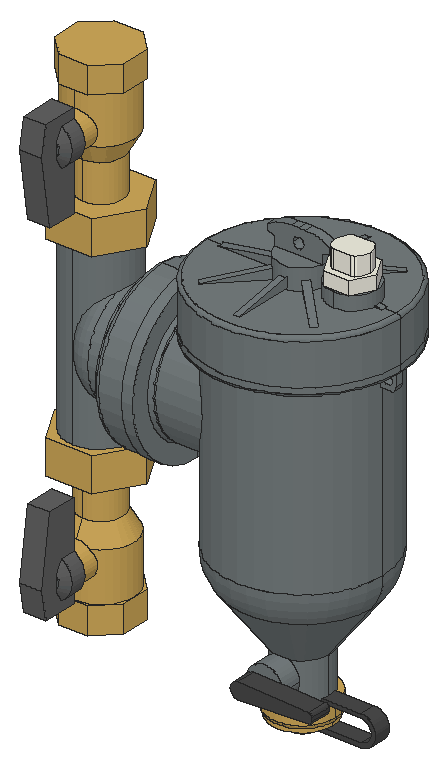
Revit family "VT.382.B.06", category Оборудование, Revit 2019
Family settings
  Размер круглого соединителя = Использовать диаметр
  Тип детали = Нормальный
  Номер OmniClass = 23.75.00.00
  Заголовок OmniClass = Climate Control (HVAC)
  На основе рабочей плоскости = Нет
  Всегда вертикально = Да
  При загрузке вырезать с полостями = Нет
  Общий = Нет
  Точка расчета площади = Нет
Parameters
  Техническое описание = "https://valtec.ru/catalog/filtry/deshlamatory/filtr_deshlamator_s_plastikovym_korpusom_xl.html"
  Страна производитель = "Italy"
  Размер соединения = "ø22, 3/4F (DN20), 1F (DN25), 1 1/4F (DN32)"  # constant formula
  Произведено в = "Сделано в Италии"  # constant formula
  Продукт url = "https://valtec.ru/catalog/filtry/deshlamatory/filtr_deshlamator_s_plastikovym_korpusom_xl.html"
  Практическое руководство по использованию семьи = "- Вы должны выбрать диаметр соединения. Доступные соединения: ø22F, ¾ ”F (DN20), 1” F (DN25), 1 ”1 / 4F (DN32). Смотрите эту опцию в параметре «Размеры - DN».\r\n- Вы должны выбрать угол соединения части. Отметьте эту опцию в параметрах «Свойства модели - вертикальное соединение» или «Свойства модели - горизонтальное соединение» или «Свойства модели - соединение 45 °» или «Свойства модели - соединение 135 °». Внимание! Выберите один и только один угол подключения."
  Описание статьи = Описание  # "Высокопроизводительный магнитный сепаратор грязи с тройным фильтрующим действием с магнитом, сетчатым фильтром и циклоническим движением воды"
  Описание Конфигурации = "Высокопроизводительный магнитный сепаратор грязи с тройным фильтрующим действием с магнитом, сетчатым фильтром и циклоническим движением воды."
  Описание OmniClass = "Жидкие фильтр"
  Описание NBS = "Фильтры для воды и фильтр"
  Номинальная ширина = 0 mm
  Номинальная высота = 0 mm
  Название производителя = "IVAR"
  Материал основной = "Полиамид"
  Материал вторичный = "Латунь"
  Материал = "PA66 + GF 30%"  # constant formula
  Мастерформат 2014 Описание = "Отопление, вентиляция и кондиционирование воздуха (HVAC)"
  Марка url = "https://valtec.ru/catalog/filtry/deshlamatory/filtr_deshlamator_s_plastikovym_korpusom_xl.html"
  Максимальный расход (m3/h) = 2.13 m³/h
  Инструкции по установке = "https://valtec.ru/catalog/filtry/deshlamatory/filtr_deshlamator_s_plastikovym_korpusom_xl.html"
  Данные продукта url = "https://bimobject.com/ivar/product/Dirtstop_XL"
  Вес нетто (Kg) = "0"
  angle [instance] = if(and(вертикальное соединение, not(горизонтальное соединение), not([45° соединение]), not([135° соединение])), 90.00°, if(and(not(вертикальное соединение), горизонтальное соединение, not([45° соединение]), not([135° соединение])), 0.00°, if(and(not(вертикальное соединение), not(горизонтальное соединение), [45° соединение], not([135° соединение])), 45.00°, if(and(not(вертикальное соединение), not(горизонтальное соединение), not([45° соединение]), ([135° соединение])), 135.00°, 5.00°))))  # 90.00°
  вертикальное соединение [instance] = yes
  Uniformat II Описание = "HVAC"
  Uniclass 2015 Имя = "Фильтры для воды"
  Uniclass 2.0 Описани = "Фильтры для воды и фильтр"
  Uniclass 1.4 Описани = "Водопроводные системы"
  URL = "https://valtec.ru/catalog/filtry/deshlamatory/filtr_deshlamator_s_plastikovym_korpusom_xl.html"
  Revit Version = "2018"  # constant formula
  R3 [instance] = if(DN = 20 mm, 15 mm, if(DN = 22 mm, 15 mm, if(DN = 25 mm, 18 mm, if(DN = 32 mm, 18 mm, 18 mm))))  # 15 mm
  R1 [instance] = if(DN = 20 mm, 10 mm, if(DN = 22 mm, 10 mm, if(DN = 25 mm, 12 mm, if(DN = 32 mm, 12 mm, 12 mm))))  # 10 mm
  Рейтинг разделения частиц = "500 µm (first cleaning), 800 µm (standard operation)"  # constant formula
  Группа модели = "DIRTSTOP® XL"  # constant formula
  Минимальная рабочая температура = "0 °C"  # constant formula
  Макс рабочая температура = "90 °C"  # constant formula
  Макс рабочее давление = "3 bar"  # constant formula
  Максимальный процент гликоля (%) = 50
  Изготовитель = "IVAR"  # constant formula
  Item code_IVAR [instance] = if(and(DN = 20 mm, вертикальное соединение, not(горизонтальное соединение), not([45° соединение]), not([135° соединение])), "520135", if(and(DN = 20 mm, not(вертикальное соединение), горизонтальное соединение, not([45° соединение]), not([135° соединение])), "520135", if(and(DN = 20 mm, not(вертикальное соединение), not(горизонтальное соединение), [45° соединение], not([135° соединение])), "520135", if(and(DN = 20 mm, not(вертикальное соединение), not(горизонтальное соединение), not([45° соединение]), [135° соединение]), "520135", if(and(DN = 22 mm, вертикальное соединение, not(горизонтальное соединение), not([45° соединение]), not([135° соединение])), "520124", if(and(DN = 22 mm, not(вертикальное соединение), горизонтальное соединение, not([45° соединение]), not([135° соединение])), "520124", if(and(DN = 22 mm, not(вертикальное соединение), not(горизонтальное соединение), [45° соединение], not([135° соединение])), "520124", if(and(DN = 22 mm, not(вертикальное соединение), not(горизонтальное соединение), not([45° соединение]), [135° соединение]), "520124", if(and(DN = 25 mm, вертикальное соединение, not(горизонтальное соединение), not([45° соединение]), not([135° соединение])), "520136", if(and(DN = 25 mm, not(вертикальное соединение), горизонтальное соединение, not([45° соединение]), not([135° соединение])), "520136", if(and(DN = 25 mm, not(вертикальное соединение), not(горизонтальное соединение), [45° соединение], not([135° соединение])), "520136", if(and(DN = 25 mm, not(вертикальное соединение), not(горизонтальное соединение), not([45° соединение]), [135° соединение]), "520136", if(and(DN = 32 mm, вертикальное соединение, not(горизонтальное соединение), not([45° соединение]), not([135° соединение])), "520139", if(and(DN = 32 mm, not(вертикальное соединение), горизонтальное соединение, not([45° соединение]), not([135° соединение])), "520139", if(and(DN = 32 mm, not(вертикальное соединение), not(горизонтальное соединение), [45° соединение], not([135° соединение])), "520139", if(and(DN = 32 mm, not(вертикальное соединение), not(горизонтальное соединение), not([45° соединение]), [135° соединение]), "520139", "Connection NOT available. DN available: 20, 22, 25, 32. Choose one and only one connection angle in Model Properties."))))))))))))))))  # "520135"
  горизонтальное соединение [instance] = no
  IFC классификация = "Клапан"
  H4 [instance] = if(DN = 20 mm, 12 mm, if(DN = 22 mm, 14 mm, if(DN = 25 mm, 14 mm, if(DN = 32 mm, 19 mm, 19 mm))))  # 12 mm
  H3 [instance] = if(DN = 20 mm, 22 mm, if(DN = 22 mm, 32 mm, if(DN = 25 mm, 29 mm, if(DN = 32 mm, 27 mm, 27 mm))))  # 22 mm
  H2 [instance] = if(DN = 20 mm, 9 mm, if(DN = 22 mm, 9 mm, if(DN = 25 mm, 7 mm, if(DN = 32 mm, 7 mm, 7 mm))))  # 9 mm
  H1 [instance] = if(and(DN = 20 mm, вертикальное соединение, not(горизонтальное соединение), not([45° соединение]), not([135° соединение])), 17 mm, if(and(DN = 20 mm, not(вертикальное соединение), горизонтальное соединение, not([45° соединение]), not([135° соединение])), 17 mm, if(and(DN = 20 mm, not(вертикальное соединение), not(горизонтальное соединение), [45° соединение], not([135° соединение])), 17 mm, if(and(DN = 20 mm, not(вертикальное соединение), not(горизонтальное соединение), not([45° соединение]), [135° соединение]), 17 mm, if(and(DN = 22 mm, вертикальное соединение, not(горизонтальное соединение), not([45° соединение]), not([135° соединение])), 17 mm, if(and(DN = 22 mm, not(вертикальное соединение), горизонтальное соединение, not([45° соединение]), not([135° соединение])), 17 mm, if(and(DN = 22 mm, not(вертикальное соединение), not(горизонтальное соединение), [45° соединение], not([135° соединение])), 17 mm, if(and(DN = 22 mm, not(вертикальное соединение), not(горизонтальное соединение), not([45° соединение]), [135° соединение]), 17 mm, if(and(DN = 25 mm, вертикальное соединение, not(горизонтальное соединение), not([45° соединение]), not([135° соединение])), 13 mm, if(and(DN = 25 mm, not(вертикальное соединение), горизонтальное соединение, not([45° соединение]), not([135° соединение])), 13 mm, if(and(DN = 25 mm, not(вертикальное соединение), not(горизонтальное соединение), [45° соединение], not([135° соединение])), 13 mm, if(and(DN = 25 mm, not(вертикальное соединение), not(горизонтальное соединение), not([45° соединение]), [135° соединение]), 13 mm, if(and(DN = 32 mm, вертикальное соединение, not(горизонтальное соединение), not([45° соединение]), not([135° соединение])), 13 mm, if(and(DN = 32 mm, not(вертикальное соединение), горизонтальное соединение, not([45° соединение]), not([135° соединение])), 13 mm, if(and(DN = 32 mm, not(вертикальное соединение), not(горизонтальное соединение), [45° соединение], not([135° соединение])), 13 mm, if(and(DN = 32 mm, not(вертикальное соединение), not(горизонтальное соединение), not([45° соединение]), [135° соединение]), 13 mm, 500 mm))))))))))))))))  # 17 mm
  EMCS Version = "3.0"  # constant formula
  Описание = "Высокопроизводительный магнитный сепаратор грязи с тройным фильтрующим действием с магнитом, сетчатым фильтром и циклоническим движением воды"  # constant formula
  DN [instance] = 20 mm
  BIMobject основная категория = "HVAC"
  BIMobject код основной категории = "ОВК"
  BIMobject код категории = "ОВК-другой"
  BIMobject категория = "Другой"
  B [instance] = A * sqrt(2)  # 9.192 mm
  Жидкость для нанесения = "Вода и гликолевые растворы"  # constant formula
  A [instance] = if(DN = 20 mm, 6.5 mm, if(DN = 22 mm, 6.5 mm, if(DN = 25 mm, 7.8 mm, if(DN = 32 mm, 9.6 mm, 9.6 mm))))  # 6.5 mm
  45° соединение [instance] = no
  135° соединение [instance] = no
Reference planes
  plane 1 "Centro (Fronte/Retro)": y = 0
  plane 2: z = 48.961
  plane 3 "Centro (Sinistra/Destra)": x = 0
  plane 4: x = 36.7
  plane 5: z = -47.536
  plane 6: z = 102.308
  plane 7: z = 108.399
  plane 8: x = 12.088
  plane 9: z = -6.793
  plane 10: z = -21.859
  plane 11: z = -80.457
  plane 12: z = 122.68
  plane 13 "connessione": x = -91.581
  plane 14: z = 77.961
  plane 15: z = 81.78
  plane 16: z = -65.538
  plane 17: z = -63.748
  plane 18 "left": x = -44.502
  plane 19 "right": x = 44.502
  plane 20 "front": y = -44.5
  plane 21 "back": y = 44.5
  plane 22: z = 111.643
  plane 23: y = -23
Forms (mm)
  Extrusion 1, solid, material "EPDM - Black", detail levels fine
    sketch origin (8.111, 0, 38.302) x (-1, 0, 0) y (0, 0, -1)
      loop
        line (23, 103.841) -> (-21.211, 103.841)
        arc (-21.211, 103.841) -> (-26.234, 108.864) -> (-21.211, 113.887) r 5.023
        line (-21.211, 113.887) -> (14.861, 113.887) -> (14.861, 115.869) -> (-21.259, 115.869)
        arc (-21.259, 115.869) -> (-28.169, 108.96) -> (-21.259, 102.05) r 6.909
        line (-21.259, 102.05) -> (23, 102.05) -> (23, 103.841)
    from -3.748 to 3.7
  Revolve 2, solid, material "BRASS - CW617N", detail levels medium+fine
    sketch origin (10.014, 0, 38.459) x (-1, 0, 0) y (0, 0, -1)
      loop
        line (10, 118.915) -> (4.001, 118.915) -> (4.001, 117.4) -> (5.484, 117.4) -> (5.484, 114.106) -> (-4, 114.106) -> (-4, 112.339)
        arc (-4, 112.339) -> (-4.729, 111.706) -> (-5, 110.78) r 1.716
        line (-5, 110.78) -> (-5, 103.997) -> (10, 103.997) -> (10, 118.915)
      axis (10, 103.997) -> (10, 118.915)
    angle from 0 to 360
  Extrusion 3, solid, material "EPDM - Black", detail levels fine
    sketch origin (96.75, 4.957, 50.244) x (-1, 0, 0) y (0, 0, -1)
      loop
        arc (101.177, 101.229) -> (104.8, 104.728) -> (101.177, 108.228) r 3.502
        line (101.177, 108.228) -> (69.177, 107.11)
        arc (69.177, 107.11) -> (68.165, 106.66) -> (67.75, 105.632) r 1.479
        line (67.75, 105.632) -> (67.75, 103.87)
        arc (67.75, 103.87) -> (68.179, 102.809) -> (69.223, 102.344) r 1.526
        line (69.223, 102.344) -> (101.177, 101.229)
    from 26.5 to 35.891
  Extrusion 4, solid, material "Techno-Polymer RAL7016", detail levels fine
    sketch origin (94.549, -1.294, 53.155) x (-1, 0, 0) y (0, 0, -1)
      loop
        circle (94.549, 107.954) r 8.278
    from 10.957 to 20.249
  Revolve 5, solid, material "Techno-Polymer RAL7016", detail levels medium+fine
    sketch origin (-12.893, 0, -873.496) x (1, 0, 0) y (0, 0, 1)
      loop
        line (-31.728, 894.519) -> (6.65, 894.519) -> (6.65, 922.457) -> (-78.688, 922.457) -> (-78.688, 911.744)
        arc (-78.688, 911.744) -> (-74.65, 901.995) -> (-64.901, 897.957) r 13.788
        line (-64.901, 897.957) -> (-55.607, 897.957) -> (-55.607, 891.077)
        arc (-55.607, 891.077) -> (-55.345, 890.489) -> (-54.731, 890.29) r 0.792
        arc (-54.731, 890.29) -> (-53.873, 890.112) -> (-53.278, 889.469) r 1.436
        line (-53.278, 889.469) -> (-52.223, 887.207)
        arc (-52.223, 887.207) -> (-51.519, 886.404) -> (-50.494, 886.105) r 1.908
        line (-50.494, 886.105) -> (-39.624, 886.105) -> (-39.624, 885.314) -> (-34.624, 885.314) -> (-34.624, 893.676) -> (-32.508, 894.519) -> (-31.728, 894.519)
      axis (-78.688, 922.457) -> (6.65, 922.457)
    angle from 0 to 360
  Revolve 6, solid, material "Techno-Polymer RAL7016", detail levels medium+fine
    sketch origin (-1799.403, 0, 4559.656) x (1, 0, 0) y (0, 0, 1)
      loop
        line (1799.403, -4477.876) -> (1799.403, -4448.013) -> (1788.42, -4448.013) -> (1788.42, -4457.348) -> (1756.42, -4457.348)
        arc (1756.42, -4457.348) -> (1755.328, -4458.049) -> (1754.903, -4459.276) r 1.983
        line (1754.903, -4459.276) -> (1754.903, -4477.876) -> (1799.403, -4477.876)
      axis (1799.403, -4448.013) -> (1799.403, -4477.876)
    angle from 0 to 360
  Revolve 7, solid, material "Techno-Polymer RAL7016", detail levels medium+fine
    sketch origin (-2758.081, 0, -0.156) x (1, 0, 0) y (0, 0, 1)
      loop
        line (2758.081, 81.936) -> (2758.081, -65.382) -> (2770.169, -65.382) -> (2770.169, -47.379) -> (2789.702, -21.703)
        arc (2789.702, -21.703) -> (2793.477, -14.586) -> (2794.781, -6.637) r 24.883
        line (2794.781, -6.637) -> (2794.781, 78.117) -> (2801.488, 78.117)
        arc (2801.488, 78.117) -> (2802.261, 78.437) -> (2802.581, 79.21) r 1.092
        line (2802.581, 79.21) -> (2802.581, 81.936) -> (2758.081, 81.936)
      axis (2758.081, 81.936) -> (2758.081, -65.382)
    angle from 0 to 360
  Extrusion 8, solid, material "Techno-Polymer RAL7016", detail levels fine
    sketch origin (0, 0, 0) x (1, 0, 0) y (0, 0, 1)
      loop
        line (35.407, 70.543) -> (41.278, 70.543)
        arc (41.278, 70.543) -> (43.092, 71.294) -> (43.844, 73.109) r 2.566
        line (43.844, 73.109) -> (43.844, 78.597) -> (35.407, 78.597) -> (35.407, 70.543)
      loop
        circle (40.344, 74.543) r 1.9
    from -1.5 to 1.5
  Extrusion 9, solid, material "Techno-Polymer RAL7016", detail levels medium+fine
    sketch origin (0, 0, 0) x (1, 0, 0) y (0, 0, 1)
      loop
        line (0, 122.83) -> (-3.136, 122.83)
        arc (-3.136, 122.83) -> (-8.883, 121.997) -> (-14.156, 119.568) r 20.244
        line (-14.156, 119.568) -> (-14.156, 116.95) -> (-10.984, 115.733) -> (-10.984, 111.643) -> (0, 111.643) -> (10.984, 111.643) -> (10.984, 115.733) -> (14.156, 116.95) -> (14.156, 119.568)
        arc (14.156, 119.568) -> (8.883, 121.997) -> (3.136, 122.83) r 20.244
        line (3.136, 122.83) -> (0, 122.83)
      loop
        circle (0, 116.637) r 2.5
    from -2 to 2
  Extrusion 10, solid, material "Techno-Polymer RAL7016", detail levels fine
    sketch origin (0, 0, 0) x (1, 0, 0) y (0, 0, 1)
      loop
        line (-37.178, 102.308) -> (37.178, 102.308) -> (0, 108.863) -> (-37.178, 102.308)
    from -1.5 to 1.5
  Extrusion 11, solid, material "Techno-Polymer RAL7016", detail levels fine
    sketch origin (0, 0, 0) x (0, -1, 0) y (0, 0, 1)
      loop
        line (-37.178, 102.308) -> (37.178, 102.308) -> (0, 108.863) -> (-37.178, 102.308)
    from -1.5 to 1.5
  Extrusion 12, solid, material "Techno-Polymer RAL7016", detail levels fine
    sketch origin (0, 0, 0) x (-0.707107, -0.707107, 0) y (0, 0, 1)
      loop
        line (-37.178, 102.308) -> (37.178, 102.308) -> (0, 108.863) -> (-37.178, 102.308)
    from -1.5 to 1.5
  Extrusion 13, solid, material "Techno-Polymer RAL7016", detail levels fine
    sketch origin (0, 0, 0) x (-0.707107, 0.707107, 0) y (0, 0, 1)
      loop
        line (-37.178, 102.308) -> (37.178, 102.308) -> (0, 108.863) -> (-37.178, 102.308)
    from -1.5 to 1.5
  Extrusion 14, solid, material "Techno-Polymer RAL7016", detail levels fine
    sketch origin (0, 0, 48.961) x (0, 1, 0) y (-1, 0, 0)
      loop
        circle (0, -23) r 11
    from 53.347 to 59.6
  Extrusion 15, solid, material "Brass - Nickel", detail levels fine
    sketch origin (0, 0, 48.961) x (0, 1, 0) y (-1, 0, 0)
      loop
        line (-9.526, -17.5) -> (-9.526, -28.5) -> (0, -34) -> (9.526, -28.5) -> (9.526, -17.5) -> (0, -12) -> (-9.526, -17.5)
    from 59.6 to 65.6
  Extrusion 16, solid, material "PA Nylon 6 - White", detail levels fine
    sketch origin (0, 0, 48.961) x (0, 1, 0) y (-1, 0, 0)
      loop
        line (-6.25, -19.163) -> (-6.25, -26.837)
        arc (-6.25, -26.837) -> (-6.124, -27.553) -> (-5.762, -28.183) r 2.1
        arc (-5.762, -28.183) -> (-3.181, -30.192) -> (0, -30.951) r 7.713
        arc (0, -30.951) -> (3.181, -30.192) -> (5.762, -28.183) r 7.713
        arc (5.762, -28.183) -> (6.124, -27.553) -> (6.25, -26.837) r 2.1
        line (6.25, -26.837) -> (6.25, -19.163)
        arc (6.25, -19.163) -> (6.124, -18.447) -> (5.762, -17.817) r 2.1
        arc (5.762, -17.817) -> (3.181, -15.808) -> (0, -15.049) r 7.713
        arc (0, -15.049) -> (-3.181, -15.808) -> (-5.762, -17.817) r 7.713
        arc (-5.762, -17.817) -> (-6.124, -18.447) -> (-6.25, -19.163) r 2.1
    from 65.6 to 73.719
Lines and regions (mm)
  model lines, style "IVAR_LOW PROFILE", detail levels coarse
    curve 1: line (-91.581, 0, 73.473) -> (-44.502, 0, 73.473)
    curve 2: line (-44.502, 0, 73.473) -> (-44.502, 0, 24.449)
    curve 3: line (-91.581, 0, 73.473) -> (-91.581, 0, 24.449)
    curve 4: line (-91.581, -24.5, 48.961) -> (-91.581, 24.5, 48.961)
    curve 5: line (-91.581, 24.5, 48.961) -> (-44.502, 24.5, 48.961)
    curve 6: line (-44.502, -24.5, 48.961) -> (-91.581, -24.5, 48.961)
    curve 7: line (-44.502, 44.5, 122.68) -> (44.502, 44.5, 122.68)
    curve 8: line (44.502, 44.5, -80.457) -> (44.502, 44.5, 122.68)
    curve 9: line (44.502, 44.5, -80.457) -> (-44.502, 44.5, -80.457)
    curve 10: line (-44.502, 44.5, -80.457) -> (-44.502, 44.5, 122.68)
    curve 11: line (44.502, -44.5, 122.68) -> (44.502, 44.5, 122.68)
    curve 12: line (44.502, 44.5, 122.68) -> (44.502, 44.5, -80.457)
    curve 13: line (44.502, 44.5, -80.457) -> (44.502, -44.5, -80.457)
    curve 14: line (44.502, -44.5, -80.457) -> (44.502, -44.5, 122.68)
    curve 15: line (-91.581, 0, 24.449) -> (-44.502, 0, 24.449)
    curve 16: line (-44.502, -24.5, 48.961) -> (-44.502, 24.5, 48.961)
    curve 17: line (-44.502, -44.5, 122.68) -> (44.502, -44.5, 122.68)
    curve 18: line (44.502, -44.5, -80.457) -> (44.502, -44.5, 122.68)
    curve 19: line (44.502, -44.5, -80.457) -> (-44.502, -44.5, -80.457)
    curve 20: line (-44.502, -44.5, -80.457) -> (-44.502, -44.5, 122.68)
    curve 21: line (-44.502, -44.5, 122.68) -> (-44.502, 44.5, 122.68)
    curve 22: line (-44.502, 44.5, 122.68) -> (-44.502, 44.5, -80.457)
    curve 23: line (-44.502, 44.5, -80.457) -> (-44.502, -44.5, -80.457)
    curve 24: line (-44.502, -44.5, -80.457) -> (-44.502, -44.5, 122.68)
Dimensions and locks
  locked: plane 4 to plane 3 "Centro (Sinistra/Destra)" at 36.7
  locked: plane 7 to plane 6 at 6.091
  locked: plane 8 to plane 3 "Centro (Sinistra/Destra)" at 12.088
  locked: level to plane 9 at 55.754
  locked: plane 9 to plane 10 at 15.066
  locked: plane 10 to plane 5 at 25.677
  locked: plane 12 to plane 7 at 14.282
  locked: plane 14 to level at 29
  locked: plane 15 to plane 14 at 3.819
  locked: plane 6 to plane 15 at 20.528
  locked: plane 5 to plane 16 at 18.003
  locked: plane 16 to plane 11 at 14.918
  locked: plane 17 to plane 16 at 1.79
  locked: plane 12 to plane 22 at 11.037
  "angle": angle level to nested 1
  aligned and locked: level to plane 2
  aligned and locked: Revolve 7 sketch curve to plane 4
  aligned and locked: Revolve 6 sketch curve to plane 6
  aligned and locked: plane 5 to Revolve 7 sketch curve
  aligned and locked: Revolve 7 sketch curve to plane 8
  aligned and locked: plane 9 to Revolve 7 sketch curve
  aligned and locked: plane 10 to Revolve 7 sketch curve
  aligned and locked: plane 11 to Revolve 2 sketch curve
  aligned and locked: Revolve 6 sketch curve to plane 3 "Centro (Sinistra/Destra)"
  aligned and locked: Revolve 7 sketch curve to plane 3 "Centro (Sinistra/Destra)"
  aligned and locked: Revolve 7 sketch curve to plane 14
  aligned and locked: Revolve 7 sketch curve to plane 15
  aligned and locked: Revolve 7 sketch curve to Revolve 7 sketch curve
  aligned and locked: plane 15 to Revolve 6 sketch curve
  aligned and locked: plane 16 to Revolve 7 sketch curve
  aligned and locked: Revolve 2 sketch curve to plane 16
  aligned and locked: plane 17 to Extrusion 1 sketch curve
  aligned and locked: plane 16 to Extrusion 1 sketch curve
  aligned and locked: Extrusion 9 sketch curve to plane 22
  aligned and locked: Revolve 6 sketch curve to plane 22
Automatic sketch dimensions
  curve 15 to plane 13 "connessione" = 0 mm
  plane 18 "left" to curve 2 = 0 mm
  curve 15 to level = 24.512 mm
  curve 3 to plane 14 = 4.488 mm
  curve 4 to plane 13 "connessione" = 0 mm
  curve 6 to plane 18 "left" = 0 mm
  plane 20 "front" to curve 16 = 20 mm
  curve 5 to plane 21 "back" = 20 mm
  plane 11 to Extrusion 1 sketch curve = 2.89 mm
  Extrusion 1 sketch curve to plane 4 = 7.33 mm
  Extrusion 1 sketch curve to Extrusion 1 sketch curve = 0.049 mm
  Extrusion 1 sketch curve to plane 3 "Centro (Sinistra/Destra)" = 6.75 mm
  Extrusion 1 sketch curve to Extrusion 1 sketch curve = 8.139 mm
  Extrusion 1 sketch curve to Extrusion 1 sketch curve = 0.096 mm
  plane 8 to Revolve 2 sketch curve = 2.926 mm
  Revolve 2 sketch curve to Revolve 2 sketch curve = 1 mm
  plane 8 to Revolve 2 sketch curve = 1.21 mm
  plane 3 "Centro (Sinistra/Destra)" to Revolve 2 sketch curve = 6.012 mm
  Revolve 2 sketch curve to Revolve 2 sketch curve = 1.483 mm
  plane 3 "Centro (Sinistra/Destra)" to Revolve 2 sketch curve = 0.014 mm  (x2)
  Revolve 2 sketch curve to plane 16 = 6.783 mm
  Revolve 2 sketch curve to Revolve 2 sketch curve = 1.767 mm
  plane 11 to Revolve 2 sketch curve = 1.515 mm
  Revolve 2 sketch curve to plane 17 = 3.307 mm
  Revolve 2 sketch curve to plane 11 = 9.614 mm
  Extrusion 3 sketch curve to plane 4 = 7.7 mm
  Extrusion 3 sketch curve to Extrusion 3 sketch curve = 1.427 mm
  Extrusion 3 sketch curve to plane 5 = 4.565 mm
  Extrusion 3 sketch curve to Extrusion 3 sketch curve = 1.473 mm
  Extrusion 3 sketch curve to Extrusion 3 sketch curve = 0.052 mm
  Extrusion 3 sketch curve to Extrusion 3 sketch curve = 0.053 mm
  Extrusion 3 sketch curve to plane 3 "Centro (Sinistra/Destra)" = 4.426 mm  (x2)
  Extrusion 3 sketch curve to Extrusion 3 sketch curve = 0.122 mm
  Extrusion 3 sketch curve to plane 5 = 3.449 mm
  Extrusion 3 sketch curve to Extrusion 3 sketch curve = 3.5 mm
  Extrusion 3 sketch curve to Extrusion 3 sketch curve = 1.763 mm
  plane 3 "Centro (Sinistra/Destra)" to Extrusion 4 sketch curve = 0 mm
  Extrusion 4 sketch curve to plane 5 = 7.264 mm
  Revolve 5 sketch curve to level = 0 mm  (x2)
  Revolve 5 sketch curve to plane 13 "connessione" = 0 mm
  plane 13 "connessione" to Revolve 5 sketch curve = 13.788 mm
  Revolve 5 sketch curve to Revolve 5 sketch curve = 9.294 mm
  Revolve 5 sketch curve to Revolve 5 sketch curve = 0.792 mm
  Revolve 5 sketch curve to Revolve 5 sketch curve = 0.236 mm
  Revolve 5 sketch curve to Revolve 5 sketch curve = 1.301 mm
  Revolve 5 sketch curve to Revolve 5 sketch curve = 1.055 mm
  Revolve 5 sketch curve to Revolve 5 sketch curve = 1.729 mm
  plane 18 "left" to Revolve 5 sketch curve = 8.016 mm
  plane 18 "left" to Revolve 5 sketch curve = 3.016 mm
  plane 18 "left" to Revolve 5 sketch curve = 0.899 mm
  plane 18 "left" to Revolve 5 sketch curve = 0.119 mm
  Revolve 5 sketch curve to plane 3 "Centro (Sinistra/Destra)" = 6.243 mm
  Revolve 5 sketch curve to Revolve 5 sketch curve = 10.712 mm
  Revolve 5 sketch curve to Revolve 5 sketch curve = 3.437 mm
  Revolve 5 sketch curve to Revolve 5 sketch curve = 0.844 mm
  Revolve 5 sketch curve to Revolve 5 sketch curve = 6.88 mm
  Revolve 5 sketch curve to Revolve 5 sketch curve = 1.608 mm
  Revolve 5 sketch curve to Revolve 5 sketch curve = 0.607 mm
  Revolve 5 sketch curve to Revolve 5 sketch curve = 0.791 mm
  Revolve 5 sketch curve to plane 13 "connessione" = 27.971 mm
  Revolve 5 sketch curve to plane 19 "right" = 5.331 mm
  Revolve 6 sketch curve to plane 3 "Centro (Sinistra/Destra)" = 0 mm
  Revolve 6 sketch curve to plane 3 "Centro (Sinistra/Destra)" = 10.984 mm
  Revolve 6 sketch curve to plane 18 "left" = 1.985 mm
  Revolve 6 sketch curve to plane 18 "left" = 1.519 mm
  Revolve 6 sketch curve to plane 18 "left" = 0.002 mm
  plane 15 to Revolve 6 sketch curve = 5.45 mm
  Revolve 6 sketch curve to plane 6 = 0.078 mm
  plane 19 "right" to Revolve 7 sketch curve = 1.094 mm
  plane 19 "right" to Revolve 7 sketch curve = 0.002 mm
  Revolve 7 sketch curve to plane 11 = 1620.359 mm
  plane 12 to Revolve 7 sketch curve = 1667.089 mm
  curve 19 to plane 11 = 0 mm
  curve 18 to plane 12 = 0 mm
  plane 18 "left" to curve 20 = 0 mm
  plane 19 "right" to curve 19 = 0 mm
  curve 9 to plane 11 = 0 mm
  curve 8 to plane 12 = 0 mm
  plane 18 "left" to curve 10 = 0 mm
  plane 19 "right" to curve 9 = 0 mm
  curve 21 to plane 12 = 0 mm
  curve 23 to plane 11 = 0 mm
  curve 21 to plane 21 "back" = 0 mm
  curve 23 to plane 20 "front" = 0 mm
  curve 11 to plane 12 = 0 mm
  curve 13 to plane 11 = 0 mm
  curve 11 to plane 21 "back" = 0 mm
  curve 13 to plane 20 "front" = 0 mm
  Extrusion 8 sketch curve to plane 4 = 1.294 mm
  plane 4 to Extrusion 8 sketch curve = 3.643 mm
  plane 19 "right" to Extrusion 8 sketch curve = 3.224 mm
  plane 19 "right" to Extrusion 8 sketch curve = 0.658 mm
  Extrusion 8 sketch curve to plane 14 = 7.418 mm
  Extrusion 8 sketch curve to Extrusion 8 sketch curve = 1.434 mm
  plane 14 to Extrusion 8 sketch curve = 0.636 mm
  Extrusion 10 sketch curve to plane 6 = 0 mm
  Extrusion 10 sketch curve to plane 3 "Centro (Sinistra/Destra)" = 0 mm
  Extrusion 10 sketch curve to plane 18 "left" = 7.324 mm
  plane 4 to Extrusion 10 sketch curve = 0.477 mm
  plane 7 to Extrusion 10 sketch curve = 0.465 mm
  Extrusion 11 sketch curve to plane 6 = 0 mm
  Extrusion 11 sketch curve to plane 1 "Centro (Fronte/Retro)" = 0 mm
  Extrusion 11 sketch curve to plane 21 "back" = 7.322 mm
  plane 20 "front" to Extrusion 11 sketch curve = 7.322 mm
  plane 7 to Extrusion 11 sketch curve = 0.465 mm
  plane 6 to Extrusion 12 sketch curve = 0 mm
  plane 7 to Extrusion 12 sketch curve = 0.465 mm
  Extrusion 12 sketch curve to Extrusion 12 sketch curve = 37.178 mm  (x2)
  plane 6 to Extrusion 13 sketch curve = 0 mm
  plane 7 to Extrusion 13 sketch curve = 0.465 mm
  Extrusion 13 sketch curve to Extrusion 13 sketch curve = 37.178 mm  (x2)
  plane 1 "Centro (Fronte/Retro)" to Extrusion 14 sketch curve = 0 mm
  plane 8 to Extrusion 14 sketch curve = 10.912 mm
  plane 1 "Centro (Fronte/Retro)" to Extrusion 15 sketch curve = 0 mm  (x2)
  plane 1 "Centro (Fronte/Retro)" to Extrusion 15 sketch curve = 9.526 mm
  Extrusion 15 sketch curve to plane 1 "Centro (Fronte/Retro)" = 9.526 mm
  Extrusion 15 sketch curve to plane 4 = 2.7 mm
  Extrusion 15 sketch curve to plane 4 = 8.2 mm  (x2)
  plane 8 to Extrusion 15 sketch curve = 5.412 mm  (x2)
  Extrusion 15 sketch curve to plane 8 = 0.088 mm
  plane 1 "Centro (Fronte/Retro)" to Extrusion 16 sketch curve = 0 mm  (x2)
  plane 1 "Centro (Fronte/Retro)" to Extrusion 16 sketch curve = 0.159 mm  (x2)
  plane 1 "Centro (Fronte/Retro)" to Extrusion 16 sketch curve = 4.15 mm  (x2)
  Extrusion 16 sketch curve to Extrusion 16 sketch curve = 2.1 mm  (x2)
  Extrusion 16 sketch curve to plane 1 "Centro (Fronte/Retro)" = 0.159 mm  (x2)
  Extrusion 16 sketch curve to plane 1 "Centro (Fronte/Retro)" = 4.15 mm  (x2)
  Extrusion 16 sketch curve to plane 4 = 9.864 mm
  Extrusion 16 sketch curve to Extrusion 16 sketch curve = 0 mm  (x5)
  Extrusion 16 sketch curve to Extrusion 16 sketch curve = 3.597 mm  (x3)
  Extrusion 16 sketch curve to Extrusion 16 sketch curve = 0.479 mm
  Extrusion 9 sketch curve to plane 3 "Centro (Sinistra/Destra)" = 0 mm  (x3)
  plane 12 to Extrusion 9 sketch curve = 0.15 mm
  Extrusion 9 sketch curve to plane 3 "Centro (Sinistra/Destra)" = 3.136 mm
  Extrusion 9 sketch curve to plane 3 "Centro (Sinistra/Destra)" = 10.984 mm
  Extrusion 9 sketch curve to plane 12 = 3.113 mm
  Extrusion 9 sketch curve to Extrusion 9 sketch curve = 3.173 mm
  plane 6 to Extrusion 9 sketch curve = 0.278 mm
  plane 3 "Centro (Sinistra/Destra)" to Extrusion 9 sketch curve = 3.136 mm
  Extrusion 9 sketch curve to plane 8 = 1.104 mm
  plane 8 to Extrusion 9 sketch curve = 2.068 mm
  plane 22 to Extrusion 9 sketch curve = 4.09 mm
  Extrusion 9 sketch curve to Extrusion 9 sketch curve = 4.09 mm
  Extrusion 9 sketch curve to Extrusion 9 sketch curve = 4.994 mm
  Extrusion 9 sketch curve to Extrusion 9 sketch curve = 2.617 mm  (x2)
  radius of Extrusion 4 sketch curve = 8.278 mm
  radius of Extrusion 8 sketch curve = 1.9 mm
  radius of Extrusion 14 sketch curve = 11 mm
  radius of Extrusion 9 sketch curve = 2.5 mm
Nested families
  nested 1: "xl simo new - connessione" at (0, 0, 0), DN <- "DN", type "xl simo new - connessione"
    with R3 15 mm, R1 10 mm, H4 12 mm, H3 22 mm, H2 9 mm, H1 17 mm, DN 20 mm, B 9.192 mm, A 6.5 mm
Connectors
  piping at (-91.581, 0, 163.961), diameter 20, driven by "DN"
    settings: on nested 1, index 1, connector inside diameter 609.6 mm, connector length 0 mm, flow factor 0, pipe flow 0.0 m³/h, pressure drop 0.0 bar, fitting loss kfactor 0, connector angle 0.00°, fixture units 0, engagement length 0 mm, angle of deflection 0.00°, flow configuration 0, flow direction 0, fitting loss method 0, system type 28, joint type 0, gender type 0, connector reference index -1, connector utility 0, adjustable connector no, is connector primary yes, connector description ""
  piping at (-91.581, 0, -66.039), diameter 20, driven by "DN"
    settings: on nested 1, index 2, connector inside diameter 609.6 mm, connector length 0 mm, flow factor 0, pipe flow 0.0 m³/h, pressure drop 0.0 bar, fitting loss kfactor 0, connector angle 0.00°, fixture units 0, engagement length 0 mm, angle of deflection 0.00°, flow configuration 0, flow direction 0, fitting loss method 0, system type 28, joint type 0, gender type 0, connector reference index -1, connector utility 0, adjustable connector no, is connector primary no, connector description ""
Definition of nested family "xl simo new - connessione"
  Parameters (values of type "xl simo new - connessione")
    URL = ""
    R3 [instance] = if(DN = 20 mm, 15 mm, if(DN = 22 mm, 15 mm, if(DN = 25 mm, 18 mm, if(DN = 32 mm, 18 mm, 18 mm))))  # 18 mm
    R1 [instance] = if(DN = 20 mm, 10 mm, if(DN = 22 mm, 10 mm, if(DN = 25 mm, 12 mm, if(DN = 32 mm, 12 mm, 12 mm))))  # 12 mm
    Model = ""
    Manufacturer = ""
    H4 [instance] = if(DN = 20 mm, 12 mm, if(DN = 22 mm, 14 mm, if(DN = 25 mm, 14 mm, if(DN = 32 mm, 19 mm, 19 mm))))  # 19 mm
    H3 [instance] = if(DN = 20 mm, 22 mm, if(DN = 22 mm, 32 mm, if(DN = 25 mm, 29 mm, if(DN = 32 mm, 27 mm, 27 mm))))  # 27 mm
    H2 [instance] = if(DN = 20 mm, 9 mm, if(DN = 22 mm, 9 mm, if(DN = 25 mm, 7 mm, if(DN = 32 mm, 7 mm, 7 mm))))  # 7 mm
    H1 [instance] = if(DN = 20 mm, 17 mm, if(DN = 22 mm, 17 mm, if(DN = 25 mm, 13 mm, if(DN = 32 mm, 13 mm, 500 mm))))  # 13 mm
    Description = ""
    DN [instance] = 32 mm
    B [instance] = A * sqrt(2)  # 13.576 mm
    A [instance] = if(DN = 20 mm, 6.5 mm, if(DN = 22 mm, 6.5 mm, if(DN = 25 mm, 7.8 mm, if(DN = 32 mm, 9.6 mm, 9.6 mm))))  # 9.6 mm
  Reference planes
    plane 1 "Centro (Fronte/Retro)": y = 0
    plane 2: z = 48.961
    plane 3 "Centro (Sinistra/Destra)": x = 0
    plane 4 "connessione": x = -91.581
    plane 5: y = 18.187
    plane 6: y = -18.187
    plane 7: x = -112.581
    plane 8: x = -102.081
    plane 9: x = -81.081
    plane 10: x = -70.581
    plane 11 "conn sx": y = 0
    plane 12: y = -23.176
    plane 13: y = -9.6
    plane 14: y = 9.6
    plane 15: y = 23.176
    plane 16: x = -114.758
    plane 17: x = -101.181
    plane 18: x = -81.981
    plane 19: x = -68.405
    plane 20: z = 170.961
    plane 21: z = 151.961
    plane 22: z = 124.961
    plane 23: z = 117.961
    plane 24: z = 104.961
    plane 25: z = 89.461
    plane 26: z = 48.961
    plane 27: z = -73.039
    plane 28: z = -54.039
    plane 29: z = -27.039
    plane 30: z = -20.039
    plane 31: z = -7.039
    plane 32: z = 8.461
    plane 33: z = 48.961
    plane 34: y = 12
    plane 35: y = 15.8
    plane 36: y = 18
    plane 37: y = -1
    plane 38: z = -72.039
    plane 39: z = -71.039
    plane 40: z = 169.961
    plane 41: z = 168.961
    plane 42: z = 136.961
    plane 43: z = -39.039
    plane 44: y = -21.7
    plane 45: y = -39.689
    plane 46: y = -37.651
    plane 47: y = -34.917
    plane 48: z = 149.831
    plane 49: z = 106.831
    plane 50: z = -51.909
    plane 51: z = -8.909
    plane 52: z = 146.993
    plane 53: z = 143.153
    plane 54: y = -28.7
    plane 55: y = -31.7
    plane 56: z = -49.071
    plane 57: z = -45.231
    plane 58: z = 145.275
    plane 59: z = -47.353
  Forms (mm)
    Extrusion 1, solid, detail levels medium+fine
      sketch origin (0, 0, 48.961) x (1, 0, 0) y (0, 1, 0)
        loop
          line (-112.581, 0) -> (-102.081, -18.187) -> (-81.081, -18.187) -> (-70.581, 0) -> (-81.081, 18.187) -> (-102.081, 18.187) -> (-112.581, 0)
      from 40.5 to 56
    Extrusion 2, solid, detail levels medium+fine
      sketch origin (0, 0, 48.961) x (1, 0, 0) y (0, 1, 0)
        loop
          line (-112.581, 0) -> (-102.081, -18.187) -> (-81.081, -18.187) -> (-70.581, 0) -> (-81.081, 18.187) -> (-102.081, 18.187) -> (-112.581, 0)
      from -56 to -40.5
    Extrusion 3, solid, detail levels medium+fine
      sketch origin (0, 0, 48.961) x (1, 0, 0) y (0, 1, 0)
        loop
          line (-101.181, -23.176) -> (-81.981, -23.176) -> (-68.405, -9.6) -> (-68.405, 9.6) -> (-81.981, 23.176) -> (-101.181, 23.176) -> (-114.758, 9.6) -> (-114.758, -9.6) -> (-101.181, -23.176)
      from 103 to 122
    Extrusion 4, solid, detail levels medium+fine
      sketch origin (0, 0, 48.961) x (1, 0, 0) y (0, 1, 0)
        loop
          line (-114.758, 9.6) -> (-114.758, -9.6) -> (-101.181, -23.176) -> (-81.981, -23.176) -> (-68.405, -9.6) -> (-68.405, 9.6) -> (-81.981, 23.176) -> (-101.181, 23.176) -> (-114.758, 9.6)
      from -122 to -103
    Revolve 5, solid, detail levels medium+fine
      sketch origin (-91.581, 0, 0) x (0, 0, 1) y (0, -1, 0)
        loop
          line (89.461, 0) -> (8.461, 0) -> (8.461, -15.8) -> (89.461, -15.8) -> (89.461, 0)
        axis (89.461, 0) -> (8.461, 0)
      angle from 0 to 360
    Revolve 6, solid, detail levels medium+fine
      sketch origin (-91.581, 0, 0) x (0, 0, 1) y (0, -1, 0)
        loop
          line (104.961, -12) -> (117.961, -12) -> (124.961, -18) -> (151.961, -18) -> (151.961, 0) -> (104.961, 0) -> (104.961, -12)
        loop
          line (-7.039, -12) -> (-7.039, 0) -> (-54.039, 0) -> (-54.039, -18) -> (-27.039, -18) -> (-20.039, -12) -> (-7.039, -12)
        axis (151.961, 0) -> (-54.039, 0)
      angle from 0 to 360
    Revolve 7, solid, detail levels medium+fine
      sketch origin (-91.581, 0, 0) x (0, 0, 1) y (0, -1, 0)
        loop
          line (169.961, 0) -> (169.961, 1) -> (168.961, 1) -> (168.961, 0) -> (169.961, 0)
        loop
          line (-72.039, 0) -> (-71.039, 0) -> (-71.039, 1) -> (-72.039, 1) -> (-72.039, 0)
        axis (169.961, 0) -> (-72.039, 0)
      angle from 0 to 360
    Extrusion 8, solid, detail levels fine
      sketch origin (0, 0, 0) x (0, 1, 0) y (0, 0, 1)
        loop
          line (-21.7, 149.831) -> (-37.651, 149.831) -> (-39.689, 136.961) -> (-34.917, 106.831) -> (-21.7, 106.831) -> (-21.7, 149.831)
      from -96.6 to -86.6
    Extrusion 9, solid, detail levels fine
      sketch origin (0, 0, 97.922) x (0, 1, 0) y (0, 0, 1)
        loop
          line (-21.7, -149.831) -> (-21.7, -106.831) -> (-34.917, -106.831) -> (-39.689, -136.961) -> (-37.651, -149.831) -> (-21.7, -149.831)
      from -96.6 to -86.6
    Revolve 10, solid, detail levels fine
      sketch origin (-91.581, 180.686, 22.132) x (0, 1, 0) y (0, 0, 1)
        loop
          line (-202.386, 114.829) -> (-202.386, 124.861) -> (-209.386, 124.861) -> (-212.386, 121.021) -> (-212.386, 114.829) -> (-202.386, 114.829)
        axis (-202.386, 114.829) -> (-212.386, 114.829)
      angle from 0 to 360
    Revolve 11, solid, detail levels fine
      sketch origin (-91.581, 0, 0) x (0, 0, 1) y (0, -1, 0)
        loop
          line (136.961, 0) -> (145.275, 0) -> (145.275, 21.7) -> (136.961, 21.7) -> (136.961, 0)
        axis (136.961, 0) -> (136.961, 21.7)
      angle from 0 to 360
    Revolve 12, solid, detail levels fine
      sketch origin (-91.581, 180.686, 75.79) x (0, 1, 0) y (0, 0, 1)
        loop
          line (-202.386, -114.829) -> (-212.386, -114.829) -> (-212.386, -121.021) -> (-209.386, -124.861) -> (-202.386, -124.861) -> (-202.386, -114.829)
        axis (-202.386, -114.829) -> (-212.386, -114.829)
      angle from 0 to 360
    Revolve 13, solid, detail levels fine
      sketch origin (-91.581, 0, 97.922) x (0, 0, -1) y (0, -1, 0)
        loop
          line (136.961, 0) -> (145.275, 0) -> (145.275, 21.7) -> (136.961, 21.7) -> (136.961, 0)
        axis (136.961, 0) -> (136.961, 21.7)
      angle from 0 to 360
  Lines and regions (mm)
    model lines, detail levels coarse
      curve 1: line (-114.758, 0, 170.961) -> (-68.405, 0, 170.961)
      curve 2: line (-68.405, 0, 170.961) -> (-68.405, 0, -73.039)
      curve 3: line (-68.405, 0, -73.039) -> (-114.758, 0, -73.039)
      curve 4: line (-114.758, 0, -73.039) -> (-114.758, 0, 170.961)
      curve 5: line (-91.581, 23.176, 170.961) -> (-91.581, -23.176, 170.961)
      curve 6: line (-91.581, -23.176, 170.961) -> (-91.581, -23.176, -73.039)
      curve 7: line (-91.581, -23.176, -73.039) -> (-91.581, 23.176, -73.039)
      curve 8: line (-91.581, 23.176, -73.039) -> (-91.581, 23.176, 170.961)
  Dimensions and locks
    locked: plane 4 "connessione" to plane 9 at 10.5
    locked: plane 9 to plane 10 at 10.5
    locked: plane 8 to plane 4 "connessione" at 10.5
    locked: plane 7 to plane 8 at 10.5
    "A": plane 11 "conn sx" to plane 14
    "B": plane 14 to plane 15
    "A": plane 13 to plane 11 "conn sx"
    "B": plane 12 to plane 13
    "A": plane 4 "connessione" to plane 18
    "B": plane 18 to plane 19
    "A": plane 17 to plane 4 "connessione"
    "B": plane 16 to plane 17
    locked: plane 25 to plane 2 at 40.5
    locked: plane 25 to plane 24 at 15.5
    "H1": plane 24 to plane 23
    "H2": plane 23 to plane 22
    "H3": plane 22 to plane 21
    "H4": plane 21 to plane 20
    locked: plane 32 to plane 2 at 40.5
    locked: plane 32 to plane 31 at 15.5
    "H1": plane 31 to plane 30
    "H2": plane 30 to plane 29
    "H3": plane 29 to plane 28
    "H4": plane 28 to plane 27
    "R1": plane 34 to plane 11 "conn sx"
    locked: plane 35 to plane 11 "conn sx" at 15.8
    "R3": plane 36 to plane 11 "conn sx"
    locked: plane 40 to plane 20 at 1
    locked: plane 41 to plane 40 at 1
    locked: plane 11 "conn sx" to plane 37 at 1
    locked: plane 38 to plane 27 at 1
    locked: plane 39 to plane 38 at 1
    locked: plane 11 "conn sx" to plane 5 at 18.187
    locked: plane 6 to plane 11 "conn sx" at 18.187
    locked: plane 42 to level at 88
    locked: plane 43 to level at 88
    locked: plane 11 "conn sx" to plane 44 at 21.7
    locked: plane 44 to plane 46 at 15.951
    locked: plane 46 to plane 45 at 2.038
    locked: plane 47 to plane 46 at 2.734
    locked: plane 48 to plane 42 at 12.87
    locked: plane 42 to plane 49 at 30.13
    locked: plane 43 to plane 51 at 30.13
    locked: plane 50 to plane 43 at 12.87
    locked: plane 44 to plane 54 at 7
    locked: plane 54 to plane 55 at 3
    locked: plane 53 to plane 42 at 6.192
    locked: plane 52 to plane 53 at 3.84
    locked: plane 57 to plane 43 at 6.192
    locked: plane 56 to plane 57 at 3.84
    locked: plane 52 to plane 58 at 1.718
    locked: plane 56 to plane 59 at 1.718
    aligned and locked: level to plane 2
    aligned and locked: Extrusion 3 sketch curve to plane 15
    aligned and locked: plane 14 to Extrusion 3 sketch curve  (x2)
    aligned and locked: plane 13 to Extrusion 3 sketch curve  (x2)
    aligned and locked: plane 12 to Extrusion 3 sketch curve
    aligned and locked: Extrusion 4 sketch curve to plane 15
    aligned and locked: plane 14 to Extrusion 4 sketch curve  (x2)
    aligned and locked: plane 13 to Extrusion 4 sketch curve  (x2)
    aligned and locked: plane 12 to Extrusion 4 sketch curve
    aligned and locked: Revolve 5 sketch curve to plane 35
    aligned and locked: Revolve 5 sketch curve to plane 25
    aligned and locked: Revolve 5 sketch curve to plane 32
    aligned and locked: Revolve 5 sketch curve to Revolve 5 sketch curve
    aligned and locked: Revolve 6 sketch curve to plane 11 "conn sx"  (x2)
    aligned and locked: plane 11 "conn sx" to Revolve 6 sketch curve
    aligned and locked: plane 34 to Revolve 6 sketch curve
    aligned and locked: Revolve 6 sketch curve to plane 34
    aligned and locked: Revolve 6 sketch curve to plane 36
    aligned and locked: plane 36 to Revolve 6 sketch curve
    aligned and locked: plane 21 to Revolve 6 sketch curve
    aligned and locked: plane 22 to Revolve 6 sketch curve
    aligned and locked: plane 23 to Revolve 6 sketch curve
    aligned and locked: Revolve 6 sketch curve to plane 24
    aligned and locked: plane 31 to Revolve 6 sketch curve
    aligned and locked: plane 30 to Revolve 6 sketch curve
    aligned and locked: plane 29 to Revolve 6 sketch curve
    aligned and locked: Revolve 6 sketch curve to plane 28
    aligned and locked: Revolve 7 sketch curve to plane 11 "conn sx"
    aligned and locked: plane 40 to Revolve 7 sketch curve
    aligned and locked: Revolve 7 sketch curve to plane 41
    aligned and locked: Revolve 7 sketch curve to plane 37
    aligned and locked: Revolve 7 sketch curve to Revolve 7 sketch curve  (x2)
    aligned and locked: plane 37 to Revolve 7 sketch curve
    aligned and locked: Revolve 7 sketch curve to plane 38
    aligned and locked: plane 39 to Revolve 7 sketch curve
    aligned and locked: Extrusion 3 to plane 20
    aligned and locked: plane 21 to Extrusion 3
    aligned and locked: Extrusion 4 to plane 27
    aligned and locked: plane 28 to Extrusion 4
    aligned and locked: Extrusion 2 to plane 31
    aligned and locked: plane 32 to Extrusion 2
    aligned and locked: plane 25 to Extrusion 1
    aligned and locked: Extrusion 1 to plane 24
    aligned and locked: plane 5 to Extrusion 1 sketch curve
    aligned and locked: Extrusion 1 sketch curve to plane 6
    aligned and locked: plane 11 "conn sx" to Extrusion 1 sketch curve  (x2)
    aligned and locked: plane 7 to Extrusion 1 sketch curve
    aligned and locked: plane 8 to Extrusion 1 sketch curve  (x2)
    aligned and locked: plane 9 to Extrusion 1 sketch curve  (x2)
    aligned and locked: plane 10 to Extrusion 1 sketch curve
    aligned and locked: plane 5 to Extrusion 2 sketch curve
    aligned and locked: plane 11 "conn sx" to Extrusion 2 sketch curve  (x2)
    aligned and locked: Extrusion 2 sketch curve to plane 6
    aligned and locked: plane 7 to Extrusion 2 sketch curve
    aligned and locked: plane 8 to Extrusion 2 sketch curve  (x3)
    aligned and locked: plane 9 to Extrusion 2 sketch curve  (x2)
    aligned and locked: plane 10 to Extrusion 2 sketch curve
    aligned and locked: Extrusion 3 sketch curve to plane 16
    aligned and locked: plane 19 to Extrusion 3 sketch curve
    aligned and locked: plane 17 to Extrusion 3 sketch curve  (x2)
    aligned and locked: plane 18 to Extrusion 3 sketch curve  (x2)
    aligned and locked: Extrusion 4 sketch curve to plane 16
    aligned and locked: plane 17 to Extrusion 4 sketch curve  (x2)
    aligned and locked: plane 18 to Extrusion 4 sketch curve  (x2)
    aligned and locked: plane 19 to Extrusion 4 sketch curve
    aligned and locked: plane 44 to Extrusion 8
    aligned and locked: plane 44 to Extrusion 9
    aligned and locked: plane 44 to Extrusion 8 sketch curve
    aligned and locked: plane 46 to Extrusion 8 sketch curve
    aligned and locked: plane 45 to Extrusion 8 sketch curve
    aligned and locked: plane 47 to Extrusion 8 sketch curve
    aligned and locked: Extrusion 9 sketch curve to plane 44
    aligned and locked: plane 47 to Extrusion 9 sketch curve
    aligned and locked: plane 46 to Extrusion 9 sketch curve
    aligned and locked: plane 45 to Extrusion 9 sketch curve
    aligned and locked: plane 48 to Extrusion 8 sketch curve
    aligned and locked: Extrusion 8 sketch curve to plane 49
    aligned and locked: Extrusion 9 sketch curve to plane 51
    aligned and locked: Extrusion 9 sketch curve to plane 50
    aligned and locked: plane 43 to Extrusion 9 sketch curve
    aligned and locked: plane 42 to Extrusion 8 sketch curve
    aligned and locked: Revolve 10 sketch curve to Revolve 10 sketch curve
    aligned and locked: plane 53 to Revolve 10 sketch curve
    aligned and locked: plane 52 to Revolve 10 sketch curve
    aligned and locked: plane 44 to Revolve 10 sketch curve
    aligned and locked: plane 54 to Revolve 10 sketch curve
    aligned and locked: plane 55 to Revolve 10 sketch curve
    aligned and locked: plane 42 to Revolve 11 sketch curve
    aligned and locked: Revolve 11 sketch curve to Revolve 11 sketch curve
    aligned and locked: Revolve 11 sketch curve to plane 11 "conn sx"
    aligned and locked: Revolve 11 sketch curve to plane 44
    aligned and locked: Revolve 12 sketch curve to Revolve 12 sketch curve
    aligned and locked: Revolve 12 sketch curve to plane 57
    aligned and locked: Revolve 12 sketch curve to plane 56
    aligned and locked: Revolve 12 sketch curve to plane 44
    aligned and locked: Revolve 12 sketch curve to plane 54
    aligned and locked: plane 55 to Revolve 12 sketch curve
    aligned and locked: Revolve 13 sketch curve to Revolve 13 sketch curve
    aligned and locked: plane 11 "conn sx" to Revolve 13 sketch curve
    aligned and locked: plane 44 to Revolve 13 sketch curve
    aligned and locked: Revolve 11 sketch curve to plane 58
    aligned and locked: Revolve 13 sketch curve to plane 59
    aligned and locked: plane 16 to curve 4
    aligned and locked: curve 2 to plane 19
    aligned and locked: plane 20 to curve 1
    aligned and locked: plane 27 to curve 3
    aligned and locked: plane 15 to curve 8
    aligned and locked: curve 6 to plane 12
    aligned and locked: plane 20 to curve 5
    aligned and locked: plane 27 to curve 7
  Automatic sketch dimensions
    Revolve 5 sketch curve to plane 1 "Centro (Fronte/Retro)" = 0 mm
    Revolve 5 sketch curve to plane 28 = 1 mm
    Revolve 5 sketch curve to plane 21 = 1 mm
    Revolve 6 sketch curve to plane 28 = 1 mm
    Revolve 6 sketch curve to Revolve 6 sketch curve = 1 mm
    Revolve 7 sketch curve to plane 28 = 1 mm
    Revolve 7 sketch curve to plane 21 = 1 mm
    Revolve 10 sketch curve to plane 42 = 0 mm
    Revolve 10 sketch curve to plane 45 = 42.667 mm
    plane 5 to Revolve 10 sketch curve = 33.16 mm
    Revolve 12 sketch curve to plane 43 = 0 mm
    Revolve 12 sketch curve to plane 45 = 42.667 mm
    plane 5 to Revolve 12 sketch curve = 33.16 mm
    plane 5 to Revolve 11 sketch curve = 33.16 mm
    Revolve 11 sketch curve to plane 45 = 42.667 mm
    Revolve 13 sketch curve to plane 43 = 0 mm
    Revolve 13 sketch curve to plane 5 = 33.16 mm
    plane 45 to Revolve 13 sketch curve = 42.667 mm
